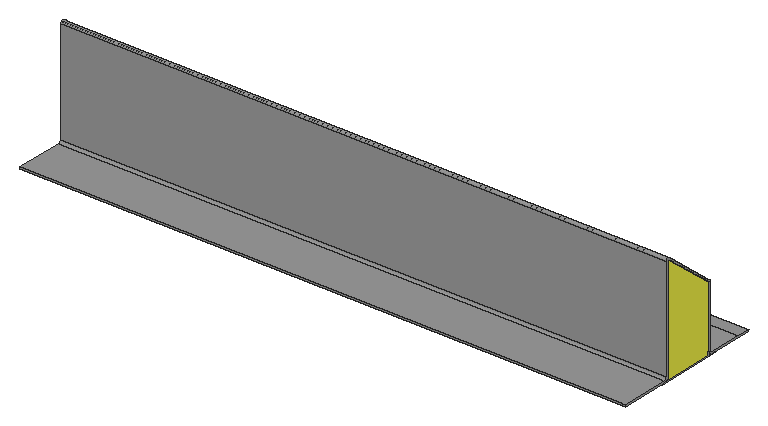
Revit family "sk 110", category Generic Models, Revit 2014
Parameters (values of type "Max lintel length 4800mm")
  URL = "http://www.keystonelintels.co.uk"
  Structural Opening [instance] = 900 mm
  Structural Performance = "The Keystone lintel range has safe working loads as detailed in each applicable loading table in the Keystone Lintel Guide brochure. The structural performance figures within each table have been ascertained by testing in accordance with the requirements of standards BS EN 5977-2: 1983 and BS EN 845-2: 2003."
  RIBA Productor Selector = "available for Keystone Lintels Ltd from Keystone Lintels Ltd from ribaproductselector.com"
  Model = "S/K - 110"
  Min Length = 600 mm
  Min Clear Span = 300 mm
  Max Length = 4800 mm
  Max Clear Span = 4800 mm
  Material - Stainless Steel = "Grade 304 2b 1.4307 to BS EN 10088-2. Other grades available on request: contact manufacturer."
  Material - Galvanised Steel = "To BS EN 10346: 2009. DX51D plus Z600 or grade Z275 to BS 5977-2: 1983 (BS EN 845-2: 2003)."
  Manufacturer = "Keystone"
  Manufactured Length [instance] = (roundup(Effective Length / 150 mm) * 150 mm)  # 1200 mm
  Lintel height [instance] = 2100 mm
  Keynote = "F30/755"
  Fire Performance = "Keystone lintels have been subjected to a fire test (WARRES No. 101263) in accordance with BS 476-20: 1987, at Exova Warrington Fire and achieved a one hour fire performance."
  End Bearing = 150 mm
  Effective Length [instance] = Clear Opening with MIN MAX set + End Bearing * 2  # 1200 mm
  Corrosion = "Keystone’s standard range of lintels are manufactured from high quality grade pre-galvanized carbon steel with a zinc coating of 600"
  Contact Tel = "+44 (0)28 8676 2184"
  Contact Email = "info@keystonelintels.co.uk"
  Clear Opening with MIN MAX set [instance] = if(Structural Opening < Min Clear Span, Min Clear Span, (if(Structural Opening > Max Clear Span, Max Clear Span, Structural Opening)))  # 900 mm
  CPD Information = "Available for Keystone Lintels Ltd from ribacpd.com"
Reference planes
  plane 1 "Center (Front/Back)": y = 0
  plane 2: z = 0
  plane 3 "Center (Left/Right)": x = 0
  plane 4: x = -600
  plane 5: x = 600
  plane 6: z = 2100
  plane 7: x = -450
  plane 8: x = 450
Forms (mm)
  Extrusion 1, solid, material "Steel"
    sketch origin (0, 713.393, -501.741) x (0, 1, 0) y (0, 0, 1)
      loop
        line (-565.486, 2604.071) -> (-590.486, 2604.941) -> (-655.486, 2604.941)
        arc (-655.486, 2604.941) -> (-659.022, 2606.405) -> (-660.486, 2609.941) r 5
        line (-660.486, 2609.941) -> (-660.486, 2732.442)
        arc (-660.486, 2732.442) -> (-660.945, 2734.513) -> (-662.237, 2736.195) r 4.9
        line (-662.237, 2736.195) -> (-760.437, 2818.595)
        arc (-760.437, 2818.595) -> (-765.657, 2819.282) -> (-768.486, 2814.841) r 4.9
        line (-768.486, 2814.841) -> (-768.486, 2609.941)
        arc (-768.486, 2609.941) -> (-769.951, 2606.405) -> (-773.486, 2604.941) r 5
        line (-773.486, 2604.941) -> (-868.486, 2604.941) -> (-868.486, 2601.741) -> (-773.486, 2601.741)
        arc (-773.486, 2601.741) -> (-767.688, 2604.143) -> (-765.286, 2609.941) r 8.2
        line (-765.286, 2609.941) -> (-765.286, 2814.841)
        arc (-765.286, 2814.841) -> (-764.305, 2816.382) -> (-762.493, 2816.144) r 1.7
        line (-762.493, 2816.144) -> (-664.293, 2733.744)
        arc (-664.293, 2733.744) -> (-663.845, 2733.16) -> (-663.686, 2732.442) r 1.7
        line (-663.686, 2732.442) -> (-663.686, 2609.941)
        arc (-663.686, 2609.941) -> (-661.284, 2604.143) -> (-655.486, 2601.741) r 8.2
        line (-655.486, 2601.741) -> (-590.542, 2601.741) -> (-565.597, 2600.873) -> (-565.486, 2604.071)
    from -600 to 600
  Extrusion 2, solid, material "Insulation"
    sketch origin (0, 713.393, -501.741) x (0, 1, 0) y (0, 0, 1)
      loop
        line (-663.686, 2609.941) -> (-663.686, 2732.442)
        arc (-663.686, 2732.442) -> (-663.845, 2733.16) -> (-664.293, 2733.744) r 1.7
        line (-664.293, 2733.744) -> (-762.493, 2816.144)
        arc (-762.493, 2816.144) -> (-764.305, 2816.382) -> (-765.286, 2814.841) r 1.7
        line (-765.286, 2814.841) -> (-765.286, 2609.941)
        arc (-765.286, 2609.941) -> (-767.688, 2604.143) -> (-773.486, 2601.741) r 8.2
        line (-773.486, 2601.741) -> (-664.938, 2601.741) -> (-664.938, 2609.741) -> (-663.938, 2609.741) -> (-663.938, 2601.741) -> (-655.486, 2601.741)
        arc (-655.486, 2601.741) -> (-661.284, 2604.143) -> (-663.686, 2609.941) r 8.2
    from -600 to 600
  Extrusion 3, solid, material "Steel"
    sketch origin (0, 713.393, -501.741) x (0, 1, 0) y (0, 0, 1)
      loop
        line (-663.938, 2609.741) -> (-664.938, 2609.741) -> (-664.938, 2601.741) -> (-776.938, 2601.741) -> (-776.938, 2600.741) -> (-646.938, 2600.741) -> (-646.938, 2601.741) -> (-663.938, 2601.741) -> (-663.938, 2609.741)
    from -600 to 600
  Extrusion 4, solid, not visible
    sketch origin (0, 599.452, 987.587) x (0, 1, 0) y (0, 0, 1)
      loop
        line (-663.938, 1009.741) -> (-664.938, 1009.741) -> (-664.938, 1001.741) -> (-776.938, 1001.741) -> (-776.938, 1000.741) -> (-646.938, 1000.741) -> (-646.938, 1001.741) -> (-663.938, 1001.741) -> (-663.938, 1009.741)
    from 0 to 250
  Extrusion 5, solid, not visible
    sketch origin (0, 963.686, 821.061) x (0, 1, 0) y (0, 0, 1)
      loop
        line (-663.686, 1009.941) -> (-663.686, 1132.442)
        arc (-663.686, 1132.442) -> (-663.845, 1133.16) -> (-664.293, 1133.744) r 1.7
        line (-664.293, 1133.744) -> (-762.493, 1216.144)
        arc (-762.493, 1216.144) -> (-764.305, 1216.382) -> (-765.286, 1214.841) r 1.7
        line (-765.286, 1214.841) -> (-765.286, 1009.941)
        arc (-765.286, 1009.941) -> (-767.688, 1004.143) -> (-773.486, 1001.741) r 8.2
        line (-773.486, 1001.741) -> (-664.938, 1001.741) -> (-664.938, 1009.741) -> (-663.938, 1009.741) -> (-663.938, 1001.741) -> (-655.486, 1001.741)
        arc (-655.486, 1001.741) -> (-661.284, 1004.143) -> (-663.686, 1009.941) r 8.2
    from 0 to 250
  Extrusion 6, solid, not visible
    sketch origin (0, 1000.486, 1165.037) x (0, 1, 0) y (0, 0, 1)
      loop
        line (-565.486, 1004.071) -> (-590.486, 1004.941) -> (-655.486, 1004.941)
        arc (-655.486, 1004.941) -> (-659.022, 1006.405) -> (-660.486, 1009.941) r 5
        line (-660.486, 1009.941) -> (-660.486, 1132.442)
        arc (-660.486, 1132.442) -> (-660.945, 1134.513) -> (-662.237, 1136.195) r 4.9
        line (-662.237, 1136.195) -> (-760.437, 1218.595)
        arc (-760.437, 1218.595) -> (-765.657, 1219.282) -> (-768.486, 1214.841) r 4.9
        line (-768.486, 1214.841) -> (-768.486, 1009.941)
        arc (-768.486, 1009.941) -> (-769.951, 1006.405) -> (-773.486, 1004.941) r 5
        line (-773.486, 1004.941) -> (-868.486, 1004.941) -> (-868.486, 1001.741) -> (-773.486, 1001.741)
        arc (-773.486, 1001.741) -> (-767.688, 1004.143) -> (-765.286, 1009.941) r 8.2
        line (-765.286, 1009.941) -> (-765.286, 1214.841)
        arc (-765.286, 1214.841) -> (-764.305, 1216.382) -> (-762.493, 1216.144) r 1.7
        line (-762.493, 1216.144) -> (-664.293, 1133.744)
        arc (-664.293, 1133.744) -> (-663.845, 1133.16) -> (-663.686, 1132.442) r 1.7
        line (-663.686, 1132.442) -> (-663.686, 1009.941)
        arc (-663.686, 1009.941) -> (-661.284, 1004.143) -> (-655.486, 1001.741) r 8.2
        line (-655.486, 1001.741) -> (-590.542, 1001.741) -> (-565.597, 1000.873) -> (-565.486, 1004.071)
    from 0 to 250
Dimensions and locks
  equal spacing: plane 4, plane 3 "Center (Left/Right)", plane 5
  "Manufactured Length": plane 4 to plane 5
  "Lintel height": plane 6 to level
  "Structural Opening": plane 7 to plane 8
  equal spacing: plane 7, plane 3 "Center (Left/Right)", plane 8
  aligned and locked: level to plane 2
  aligned and locked: Extrusion 1 to plane 6
  aligned and locked: Extrusion 2 to plane 6
  aligned and locked: plane 6 to Extrusion 3
  aligned and locked: plane 5 to Extrusion 1
  aligned and locked: Extrusion 1 to plane 4
  aligned and locked: plane 5 to Extrusion 2
  aligned and locked: Extrusion 2 to plane 4
  aligned and locked: plane 5 to Extrusion 3
  aligned and locked: Extrusion 3 to plane 4
Automatic sketch dimensions
  Extrusion 1 sketch curve to Extrusion 1 sketch curve = 65 mm
  Extrusion 1 sketch curve to Extrusion 1 sketch curve = 25 mm
  Extrusion 1 sketch curve to Extrusion 1 sketch curve = 0.87 mm
  Extrusion 1 sketch curve to Extrusion 1 sketch curve = 0.111 mm
  Extrusion 1 sketch curve to Extrusion 1 sketch curve = 0.056 mm
  Extrusion 1 sketch curve to Extrusion 1 sketch curve = 5 mm  (x2)
  Extrusion 1 sketch curve to Extrusion 1 sketch curve = 0 mm  (x15)
  Extrusion 1 sketch curve to Extrusion 1 sketch curve = 122.501 mm
  Extrusion 1 sketch curve to Extrusion 1 sketch curve = 1.7 mm
  Extrusion 1 sketch curve to Extrusion 1 sketch curve = 0.607 mm
  Extrusion 1 sketch curve to Extrusion 1 sketch curve = 2.057 mm  (x2)
  Extrusion 1 sketch curve to Extrusion 1 sketch curve = 98.2 mm
  Extrusion 1 sketch curve to Extrusion 1 sketch curve = 82.4 mm
  Extrusion 1 sketch curve to Extrusion 1 sketch curve = 2.451 mm
  Extrusion 1 sketch curve to Extrusion 1 sketch curve = 1.093 mm
  Extrusion 1 sketch curve to Extrusion 1 sketch curve = 1.302 mm
  Extrusion 1 sketch curve to Extrusion 1 sketch curve = 95 mm
  Extrusion 2 sketch curve to Extrusion 2 sketch curve = 1.7 mm
  Extrusion 2 sketch curve to Extrusion 2 sketch curve = 1.093 mm  (x2)
  Extrusion 2 sketch curve to Extrusion 2 sketch curve = 98.2 mm
  Extrusion 2 sketch curve to Extrusion 2 sketch curve = 100.349 mm
  Extrusion 2 sketch curve to Extrusion 2 sketch curve = 1 mm
  Extrusion 2 sketch curve to Extrusion 2 sketch curve = 0.251 mm
  Extrusion 2 sketch curve to Extrusion 2 sketch curve = 8.451 mm
  Extrusion 2 sketch curve to Extrusion 2 sketch curve = 0 mm
  Extrusion 2 sketch curve to Extrusion 2 sketch curve = 0.2 mm
  Extrusion 2 sketch curve to Extrusion 2 sketch curve = 8.2 mm
  Extrusion 2 sketch curve to Extrusion 2 sketch curve = 122.501 mm
  Extrusion 2 sketch curve to Extrusion 2 sketch curve = 82.4 mm
  Extrusion 3 sketch curve to Extrusion 3 sketch curve = 1 mm  (x2)
  Extrusion 3 sketch curve to Extrusion 3 sketch curve = 8 mm
  Extrusion 3 sketch curve to Extrusion 3 sketch curve = 0 mm
  Extrusion 3 sketch curve to Extrusion 3 sketch curve = 17 mm
  Extrusion 3 sketch curve to Extrusion 3 sketch curve = 112 mm
  Extrusion 4 sketch curve to Extrusion 4 sketch curve = 1 mm  (x2)
  Extrusion 4 sketch curve to Extrusion 4 sketch curve = 8 mm
  Extrusion 4 sketch curve to Extrusion 4 sketch curve = 0 mm
  Extrusion 4 sketch curve to Extrusion 4 sketch curve = 17 mm
  Extrusion 4 sketch curve to Extrusion 4 sketch curve = 112 mm
  Extrusion 5 sketch curve to Extrusion 5 sketch curve = 1.7 mm
  Extrusion 5 sketch curve to Extrusion 5 sketch curve = 1.093 mm  (x2)
  Extrusion 5 sketch curve to Extrusion 5 sketch curve = 98.2 mm
  Extrusion 5 sketch curve to Extrusion 5 sketch curve = 100.349 mm
  Extrusion 5 sketch curve to Extrusion 5 sketch curve = 1 mm
  Extrusion 5 sketch curve to Extrusion 5 sketch curve = 0.251 mm
  Extrusion 5 sketch curve to Extrusion 5 sketch curve = 8.451 mm
  Extrusion 5 sketch curve to Extrusion 5 sketch curve = 0 mm
  Extrusion 5 sketch curve to Extrusion 5 sketch curve = 0.2 mm
  Extrusion 5 sketch curve to Extrusion 5 sketch curve = 8.2 mm
  Extrusion 5 sketch curve to Extrusion 5 sketch curve = 122.501 mm
  Extrusion 5 sketch curve to Extrusion 5 sketch curve = 82.4 mm
  Extrusion 6 sketch curve to Extrusion 6 sketch curve = 65 mm
  Extrusion 6 sketch curve to Extrusion 6 sketch curve = 25 mm
  Extrusion 6 sketch curve to Extrusion 6 sketch curve = 0.87 mm
  Extrusion 6 sketch curve to Extrusion 6 sketch curve = 0.111 mm
  Extrusion 6 sketch curve to Extrusion 6 sketch curve = 0.056 mm
  Extrusion 6 sketch curve to Extrusion 6 sketch curve = 5 mm  (x2)
  Extrusion 6 sketch curve to Extrusion 6 sketch curve = 0 mm  (x15)
  Extrusion 6 sketch curve to Extrusion 6 sketch curve = 122.501 mm
  Extrusion 6 sketch curve to Extrusion 6 sketch curve = 1.7 mm
  Extrusion 6 sketch curve to Extrusion 6 sketch curve = 0.607 mm
  Extrusion 6 sketch curve to Extrusion 6 sketch curve = 2.057 mm  (x2)
  Extrusion 6 sketch curve to Extrusion 6 sketch curve = 98.2 mm
  Extrusion 6 sketch curve to Extrusion 6 sketch curve = 82.4 mm
  Extrusion 6 sketch curve to Extrusion 6 sketch curve = 2.451 mm
  Extrusion 6 sketch curve to Extrusion 6 sketch curve = 1.093 mm
  Extrusion 6 sketch curve to Extrusion 6 sketch curve = 1.302 mm
  Extrusion 6 sketch curve to Extrusion 6 sketch curve = 95 mm
  Extrusion 1 sketch curve to plane 6 = 0 mm
  plane 1 "Center (Front/Back)" to Extrusion 1 sketch curve = 155.093 mm
  Extrusion 3 sketch curve to plane 6 = 0 mm
  plane 1 "Center (Front/Back)" to Extrusion 3 sketch curve = 63.544 mm
  Extrusion 2 sketch curve to plane 6 = 0 mm
  plane 1 "Center (Front/Back)" to Extrusion 2 sketch curve = 60.093 mm
